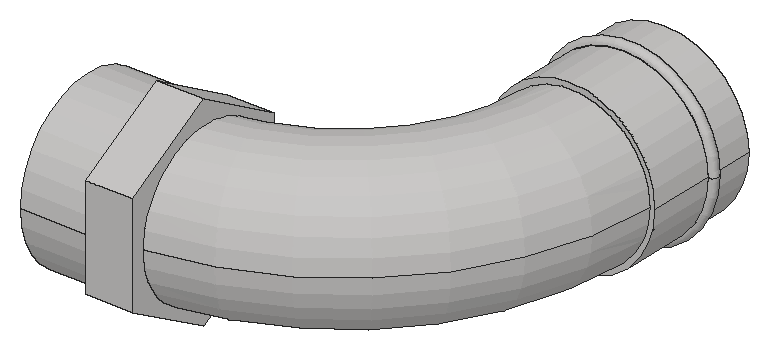
Revit family "Bend-90-MaleThread-B-Inox-Conex-15-54mm-PS4001G", category Pipe Fittings, Revit 2019
Family settings
  Round Connector Dimension = Use Diameter
  Part Type = Elbow
  OmniClass Number = 23.60.30.11.14
  OmniClass Title = Pipework Fittings
  Work Plane-Based = No
  Always vertical = Yes
  Cut with Voids When Loaded = No
  Shared = No
Parameters (values of type "Standard")
  Z1 [instance] = size_lookup(Lookup Table Name, "Z1", NominalDiameter, NominalDiameter, R, Angle)  # 83.00 mm
  Z [instance] = size_lookup(Lookup Table Name, "Z", NominalDiameter, NominalDiameter, R, Angle)  # 79.00 mm
  Weight_KG/Ea [instance] = size_lookup(Lookup Table Name, "WT", 0, NominalDiameter, R, Angle)  # 0.68
  Uniformat IIElements = "TBC"
  URL = "http://www.conexbanninger.com/search.php?brands_id=34"
  Type Comments = "TBC"
  TickSize [instance] = NominalDiameter  # 54.00 mm
  ThreadRadius [instance] = size_lookup(Lookup Table Name, "TR", NominalDiameter * 0.525, NominalDiameter, R, Angle)  # 30.00 mm
  SerialNumber [instance] = ""
  SealRingLength [instance] = SocketDepth * 0.4  # 16.40 mm
  S [instance] = size_lookup(Lookup Table Name, "S", ThreadRadius * 2.125, NominalDiameter, R, Angle)  # 62.00 mm
  RingThickness [instance] = if(NominalDiameter < 40.00 mm, 2.00 mm, 4.00 mm)  # 4.00 mm
  RingAlignment [instance] = Z + ((L - Z) * 0.5625)  # 102.063 mm
  R [instance] = 50.80 mm
  ProductCode [instance] = if(and(NominalDiameter = 15.00 mm, R = 12.70 mm, Angle = 90.00°), "PS 4001G 0150400", if(and(NominalDiameter = 18.00 mm, R = 12.70 mm, Angle = 90.00°), "PS 4001G 0180400", if(and(NominalDiameter = 18.00 mm, R = 19.05 mm, Angle = 90.00°), "PS 4001G 0180600", if(and(NominalDiameter = 22.00 mm, R = 19.05 mm, Angle = 90.00°), "PS 4001G 0220600", if(and(NominalDiameter = 28.00 mm, R = 25.40 mm, Angle = 90.00°), "PS 4001G 0280800", if(and(NominalDiameter = 35.00 mm, R = 31.75 mm, Angle = 90.00°), "PS 4001G 0351000", if(and(NominalDiameter = 42.00 mm, R = 38.10 mm, Angle = 90.00°), "PS 4001G 0421200", if(and(NominalDiameter = 54.00 mm, R = 50.80 mm, Angle = 90.00°), "PS 4001G 0541600", "ProductCode NA"))))))))  # "PS 4001G 0541600"
  PolygonThickness [instance] = Z1 * 0.2  # 16.60 mm
  OmniclassProducts = "TBC"
  NominalRadius [instance] = NominalDiameter / 2  # 27.00 mm
  NominalDiameter [instance] = 54.00 mm
  NATSPECWorkSection = "TBC"
  ModifiedIssue_ANZRS = 20161226.54  # constant formula
  Model Version = "2015"
  Model Status [instance] = ""
  Model Specification = "BMA"
  Model = "90° Bend with Male Thread"  # constant formula
  Material = Stainless Steel AISI 317
  Mark [instance] = ""
  Manufacturer = "Conex | Bänninger"  # constant formula
  Loss Method = K Coefficient from Table
  Lookup Table Name = "Bend-90-MaleThread-B-Inox-Conex-15-54mm-PS4001G"
  SocketDepth [instance] = L - Z  # 41.00 mm
  L1 [instance] = size_lookup(Lookup Table Name, "L1", 1.5 * NominalDiameter, NominalDiameter, R, Angle)  # 107.00 mm
  L [instance] = size_lookup(Lookup Table Name, "L", 1.5 * NominalDiameter, NominalDiameter, R, Angle)  # 120.00 mm
  K Coefficient Table = "Regular 45, 90 and 180 Elbow"
  built-in parameter 1114238 [instance] = not(0.00 mm < size_lookup(Lookup Table Name, "L", 0.00 mm, NominalDiameter, R, Angle))  # (empty or 0)
  FittingOutsideRadius [instance] = FittingOutsideDiameter / 2  # 29.70 mm
  FittingOutsideDiameter [instance] = NominalDiameter * 1.1  # 59.40 mm
  FittingAngle [instance] = Angle  # 90.00°
  FinalHHWFlow [instance] = 0.0 L/s
  ElbowDiameter [instance] = NominalDiameter * 1.025  # 55.35 mm
  Description = ">B< Press Inox is a quick and simple to install flame-free fitting, manufactured using high quality hygienic stainless steel materials, suitable for multiple applications."  # constant formula
  CustomFitting [instance] = not(0.00 mm < size_lookup(Lookup Table Name, "L", 0.00 mm, NominalDiameter, R, Angle))  # no
  CreatedByURL_ANZRS = "http://www.bimmepaus.com.au/"
  CreatedBy = "A2K Technologies"  # constant formula
  ConnectorTolerance = 2.00°
  ConnectorAngle [instance] = 90.00°
  CenterRadius [instance] = Z  # 79.00 mm
  CenterEnd [instance] = CenterRadius * tan(FittingAngle / 2)  # 79.00 mm
  Assembly Code = "D2090800"
  Angle [instance] = if(and(ConnectorAngle < 45.00° + ConnectorTolerance, ConnectorAngle > 45.00° - ConnectorTolerance), 45.00°, if(and(ConnectorAngle < 90.00° + ConnectorTolerance, ConnectorAngle > 90.00° - ConnectorTolerance), 90.00°, if(and(ConnectorAngle < 5.00° + ConnectorTolerance, ConnectorAngle > 5.00° - ConnectorTolerance), 5.00°, if(and(ConnectorAngle < 15.00° + ConnectorTolerance, ConnectorAngle > 15.00° - ConnectorTolerance), 15.00°, if(and(ConnectorAngle < 30.00° + ConnectorTolerance, ConnectorAngle > 30.00° - ConnectorTolerance), 30.00°, if(and(ConnectorAngle < 60.00° + ConnectorTolerance, ConnectorAngle > 60.00° - ConnectorTolerance), 60.00°, ConnectorAngle))))))  # 90.00°
  2DLineLength [instance] = L - SocketDepth  # 79.00 mm
Reference planes
  plane 1 "Center (Front/Back)": y = 0
  plane 2: z = 0
  plane 3 "Center (Left/Right)": x = 0
  plane 4: x = -107
  plane 5: x = -83
  plane 6: x = -66.4
Forms (mm)
  Sweep 1, solid, material "Stainless Steel AISI 317" <- "Material", detail levels fine
    path origin (0, 0, 0) x (1, 0, 0) y (0, 1, 0)
      loop
        line (0, 120) -> (0, 79)
    profile origin (0, 99.5, 0) x (1, 0, 0) y (0, 0, 1)
      loop
        circle (0, 0) r 29.7
  Extrusion 2, solid, material "Stainless Steel AISI 317" <- "Material", detail levels fine
    sketch origin (0, 0, 0) x (0, 1, 0) y (0, 0, 1)
      loop
        circle (0, 0) r 30
    from -107 to -83
  Sweep 3, solid, material "Stainless Steel AISI 317" <- "Material", detail levels fine
    path origin (0, 0, 0) x (1, 0, 0) y (0, 1, 0)
      loop
        line (0, 120) -> (0, 79)
        arc (0, 79) -> (-23.139, 23.139) -> (-79, 0) r 79
        line (-79, 0) -> (-107, 0)
    profile origin (-23.139, 23.139, 0) x (0.707107, -0.707107, 0) y (0, 0, 1)
      loop
        circle (0, 0) r 27.675
  Revolve 4, solid, material "Stainless Steel AISI 317" <- "Material", detail levels fine
    sketch origin (0, 0, 0) x (1, 0, 0) y (0, 1, 0)
      loop
        line (0, 102.062) -> (0, 106.063) -> (-29.7, 106.063)
        arc (-29.7, 106.063) -> (-31.7, 104.063) -> (-29.7, 102.063) r 2
        line (-29.7, 102.063) -> (0, 102.062)
      axis (0, 102.062) -> (0, 106.063)
    angle from 0 to 360
  Extrusion 5, solid, material "Stainless Steel AISI 317" <- "Material", detail levels fine
    sketch origin (0, 0, 0) x (0, 1, 0) y (0, 0, 1)
      loop
        line (0, 35.796) -> (-31, 17.898) -> (-31, -17.898) -> (0, -35.796) -> (31, -17.898) -> (31, 17.898) -> (0, 35.796)
    from -83 to -66.4
Cuts and joins
  joined: Sweep 1, Extrusion 2, Sweep 3, Extrusion 5
Lines and regions (mm)
  model lines, detail levels coarse+medium
    curve 1: line (-107, 0, 0) -> (0, 0, 0)
    curve 2: line (-107, 27, 0) -> (-107, -27, 0)
    curve 3: line (0, 0, 0) -> (0, 79, 0)
    curve 4: line (-27, 79, 0) -> (27, 79, 0)
    curve 5: line (27, 79, 0) -> (27, 120, 0)
    curve 6: line (-27, 79, 0) -> (-27, 120, 0)
Dimensions and locks
  "L1": plane 4 to plane 3 "Center (Left/Right)"
  locked: profile plane to Sweep 1 sketch curve at 0
  locked: profile plane to Sweep 1 sketch curve
  locked: plane 1 "Center (Front/Back)" to Extrusion 2 sketch curve
  locked: plane 2 to Extrusion 2 sketch curve
  "SocketDepth": Sweep 1 sketch curve to Sweep 1 sketch curve
  "CenterEnd": Sweep 3 sketch curve to plane 3 "Center (Left/Right)"
  "CenterRadius": plane 1 "Center (Front/Back)" to Sweep 3 sketch curve
  locked: plane 3 "Center (Left/Right)" to Sweep 3 sketch curve at 0
  plane 3 "Center (Left/Right)" to Sweep 3 sketch curve = 120.00 mm
  "L": curve 1 to Sweep 3 sketch curve
  locked: plane 3 "Center (Left/Right)" to Sweep 1 sketch curve
  "L": plane 3 "Center (Left/Right)" to Sweep 1 sketch curve
  "2DLineLength": curve 1 to curve 4
  locked: curve 1 to curve 3
  equal spacing: curve 5, curve 3, curve 6
  "SocketDepth": curve 6 to curve 6
  "SocketDepth": curve 5 to curve 5
  "TickSize": curve 5 to curve 6
  "RingThickness": Revolve 4 sketch curve to Revolve 4 sketch curve
  "FittingOutsideRadius": Revolve 4 sketch curve to Revolve 4 sketch curve  (x3)
  locked: curve 1 to Revolve 4 sketch curve
  locked: Revolve 4 sketch curve to curve 1 at 0
  "RingAlignment": Revolve 4 sketch curve to curve 3
  "Z1": plane 5 to plane 3 "Center (Left/Right)"
  "PolygonThickness": plane 5 to plane 6
  equal spacing: Extrusion 5 sketch curve, plane 2, Extrusion 5 sketch curve
  equal spacing: Extrusion 5 sketch curve, plane 1 "Center (Front/Back)", Extrusion 5 sketch curve  (x2)
  "S": Extrusion 5 sketch curve to Extrusion 5 sketch curve  (x3)
  equal spacing: curve 2, plane 1 "Center (Front/Back)", curve 2
  "NominalDiameter": curve 2 to curve 2
  "FittingOutsideRadius": radius of Sweep 1 sketch curve
  "ThreadRadius": radius of Extrusion 2 sketch curve
  "CenterRadius": radius of Sweep 3 sketch curve
  "ElbowDiameter": diameter of Sweep 3 sketch curve
  "ConnectorAngle": angle plane 1 "Center (Front/Back)" to Sweep 1 sketch curve
  "ConnectorAngle": angle Sweep 3 sketch curve to Sweep 3 sketch curve
  "ConnectorAngle": angle plane 1 "Center (Front/Back)" to Sweep 3 sketch curve
  "ConnectorAngle": angle plane 1 "Center (Front/Back)" to curve 3
  locked: curve 3 to curve 4 (angle 90.00°)
  "ConnectorAngle": angle plane 1 "Center (Front/Back)" to curve 5
  "ConnectorAngle": angle plane 1 "Center (Front/Back)" to curve 6
  "ConnectorAngle": angle plane 1 "Center (Front/Back)" to Revolve 4 sketch curve  (x2)
  locked: Revolve 4 sketch curve to Revolve 4 sketch curve (angle 90.00°)  (x2)
  locked: Extrusion 5 sketch curve to Extrusion 5 sketch curve (angle 120.00°)  (x5)
  aligned and locked: level to plane 2
  aligned and locked: plane 1 "Center (Front/Back)" to curve 1
  aligned and locked: Extrusion 2 to plane 4
  aligned and locked: plane 5 to Extrusion 2
  aligned and locked: level to Sweep 3 sketch curve
  aligned and locked: plane 4 to Sweep 3 sketch curve
  aligned and locked: plane 6 to Extrusion 5
  aligned and locked: curve 2 to plane 4
  aligned and locked: cut or joined group of Sweep 1, Extrusion 2, Sweep 3, Extrusion 5 to plane 5
Automatic sketch dimensions
  plane 1 "Center (Front/Back)" to curve 3 = 0.00 mm
  Sweep 3 sketch curve to profile plane = 0.00 mm
  Revolve 4 sketch curve to plane 1 "Center (Front/Back)" = 6.057 mm
Connectors
  piping at (0, 79, 0), diameter 54, driven by "NominalDiameter", driven by "ConnectorAngle"
    settings: on Sweep 1, index 2, connector inside diameter 609.6 mm, connector length 0.00 mm, flow factor 0, pipe flow 0.0 L/s, pressure drop 0.0 Pa, fitting loss kfactor 0, connector angle 90.00°, fixture units 0, engagement length 0.00 mm, angle of deflection 0.00°, flow configuration 0, flow direction 0, fitting loss method 0, system type 28, joint type 0, gender type 0, connector reference index 3, connector utility 0, adjustable connector yes, is connector primary no, connector description ""
  piping at (-107, 0, 0), diameter 50.8, driven by "R", driven by "ConnectorAngle"
    settings: on cut or joined group of Sweep 1, Extrusion 2, Sweep 3, Extrusion 5, index 3, connector inside diameter 609.6 mm, connector length 0.00 mm, flow factor 0, pipe flow 0.0 L/s, pressure drop 0.0 Pa, fitting loss kfactor 0, connector angle 90.00°, fixture units 0, engagement length 0.00 mm, angle of deflection 0.00°, flow configuration 0, flow direction 0, fitting loss method 0, system type 28, joint type 0, gender type 0, connector reference index 2, connector utility 0, adjustable connector no, is connector primary yes, connector description ""
